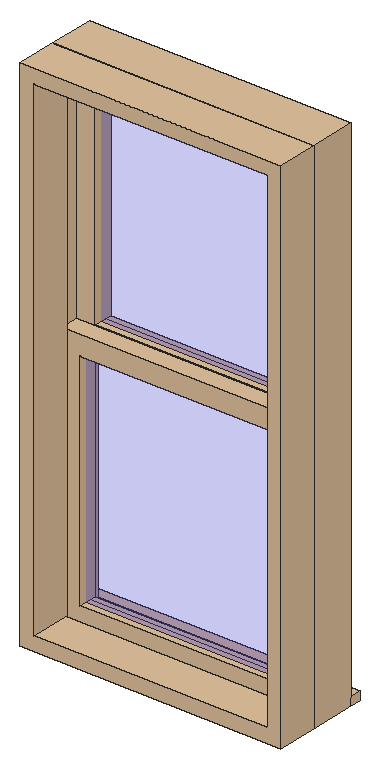
Revit family "PKNail Double Hung", category Windows, host Wall, Revit 2017
Family settings
  Host = Wall
  OmniClass Number = 23.30.20.17.17.14
  OmniClass Title = Double-Hung Windows
  Always vertical = Yes
  Cut with Voids When Loaded = No
  Shared = No
  Room Calculation Point = No
Parameters (values of type "24" x 48"")
  Visual Light Transmittance = 0.9
  Solar Heat Gain Coefficient = 0.78
  PKNail Family Lateral Orientation = "None"
  PKNail Family Facing Orientation = "Facing"
  PKNail Family = "Double Hung"
  Construction Type Id = "GSP4R"
  Heat Transfer Coefficient (U) = 0.6496 BTU/(h·ft²·°F)
  Assembly Code = "B2020100"
  Description = ""
  Glass Pane Material = Glass
  Height = 4' - 0"
  Sash Material = Sash
  Default Sill Height = 3' - 0"
  Wall Closure = By host
  Width = 2' - 0"
  Window Inset = 0' - 0 3/4"
  Analytic Construction = "1/8 in Pilkington single glazing"
Values of the unnamed type that differ from the named types
  Heat Transfer Coefficient (U) = 3.6886 W/(m²·K)
Reference planes (in)
  plane 1: y = 0
  plane 2: z = 0
  plane 3 "Center": x = 0
  plane 4 "Left": x = -12
  plane 5 "Right": x = 12
  plane 6 "Sill": z = 36
  plane 7 "Top": z = 84
  plane 8: y = 4
  plane 9: y = -4
  plane 10: y = 3.25
  plane 11: z = 60
  plane 12: x = -10.75
  plane 13: x = 10.75
  plane 14: x = 10.75
  plane 15: z = 37.25
  plane 16 "Closure": y = 0.375
Forms (in)
  Extrusion 1, solid, material "Sash" <- "Sash Material"
    sketch origin (0, 0, 0) x (1, 0, 0) y (0, 0, 1)
      loop
        line (-12, 84) -> (-12, 36) -> (12, 36) -> (12, 84) -> (-12, 84)
      loop
        line (-11.25, 83.25) -> (-11.25, 36.75) -> (11.25, 36.75) -> (11.25, 83.25) -> (-11.25, 83.25)
    from -4 to 0.25
  Extrusion 2, solid, material "Sash" <- "Sash Material"
    sketch origin (0, 0, 0) x (-1, 0, 0) y (0, 0, 1)
      loop
        line (-12, 84) -> (-12, 36) -> (12, 36) -> (12, 84) -> (-12, 84)
      loop
        line (-10.75, 82.75) -> (-10.75, 37.25) -> (10.75, 37.25) -> (10.75, 82.75) -> (-10.75, 82.75)
    from -0.25 to -4
  Extrusion 3, solid, material "Sash" <- "Sash Material"
    sketch origin (0, 0, 0) x (-1, 0, 0) y (0, 0, 1)
      loop
        line (-11.25, 83.25) -> (-11.25, 59.125) -> (11.25, 59.125) -> (11.25, 83.25) -> (-11.25, 83.25)
      loop
        line (-9.5, 81.5) -> (-9.5, 60.875) -> (9.5, 60.875) -> (9.5, 81.5) -> (-9.5, 81.5)
    from 1.5 to 3.25
  Extrusion 4, solid, material "Glass" <- "Glass Pane Material"
    sketch origin (-4.9201, 0, -4.60771) x (1, 0, 0) y (0, 0, 1)
      loop
        line (-4.5799, 86.10771) -> (-4.5799, 65.48271) -> (14.4201, 65.48271) -> (14.4201, 86.10771) -> (-4.5799, 86.10771)
    from -2.625 to -2.125
  Extrusion 5, solid, material "Sash" <- "Sash Material"
    sketch origin (0, 0, 0) x (-1, 0, 0) y (0, 0, 1)
      loop
        line (-12, 36.75) -> (-12, 36) -> (12, 36) -> (12, 36.75) -> (-12, 36.75)
    from 4 to 5
  Extrusion 6, solid, material "Sash" <- "Sash Material"
    sketch origin (0, 0, 0) x (-1, 0, 0) y (0, 0, 1)
      loop
        line (-11.25, 60.875) -> (-11.25, 36.75) -> (11.25, 36.75) -> (11.25, 60.875) -> (-11.25, 60.875)
      loop
        line (-9.5, 59.125) -> (-9.5, 38.5) -> (9.5, 38.5) -> (9.5, 59.125) -> (-9.5, 59.125)
    from -0.25 to 1.5
  Extrusion 7, solid, material "Glass" <- "Glass Pane Material"
    sketch origin (0, 0, 0) x (-1, 0, 0) y (0, 0, 1)
      loop
        line (-9.5, 38.5) -> (9.5, 38.5) -> (9.5, 59.125) -> (-9.5, 59.125) -> (-9.5, 38.5)
    from 0.375 to 0.875
Lines and regions (in)
  Opening 1
    outline origin (-60, -4, 0) x (1, 0, 0) y (0, 0, 1)
      loop
        line (48, 84) -> (48, 36) -> (72, 36) -> (72, 84) -> (48, 84)
  symbolic lines, style "WindowsFrameMullionProjection"
    curve 1: line (-12, 4, 0) -> (-11.25, 4, 0)
    curve 2: line (-11.25, -0.25, 0) -> (-11.25, 4, 0)
    curve 3: line (-11.25, -0.25, 0) -> (-10.75, -0.25, 0)
    curve 4: line (-10.75, -4, 0) -> (-10.75, -0.25, 0)
    curve 5: line (12, 4, 0) -> (11.25, 4, 0)
    curve 6: line (10.75, -0.25, 0) -> (10.75, -4, 0)
    curve 7: line (10.75, -0.25, 0) -> (11.25, -0.25, 0)
    curve 8: line (11.25, -0.25, 0) -> (11.25, 4, 0)
    curve 9: line (-11.25, 1.5, 0) -> (-9.5, 1.5, 0)
    curve 10: line (-11.25, 1.5, 0) -> (-11.25, -0.25, 0)
    curve 11: line (-11.25, -0.25, 0) -> (-9.5, -0.25, 0)
    curve 12: line (-9.5, 1.5, 0) -> (-9.5, -0.25, 0)
    curve 13: line (11.25, 1.5, 0) -> (9.5, 1.5, 0)
    curve 14: line (11.25, 1.5, 0) -> (11.25, -0.25, 0)
    curve 15: line (11.25, -0.25, 0) -> (9.5, -0.25, 0)
    curve 16: line (9.5, 1.5, 0) -> (9.5, -0.25, 0)
    curve 18: line (-10.75, -4, 0) -> (-12, -4, 0)
    curve 19: line (10.75, -4, 0) -> (12, -4, 0)
  symbolic lines, style "WindowsGlassProjection"
    curve 17: line (-9.5, 0.625, 0) -> (9.5, 0.625, 0)
Text (in)
  text "EXTERIOR" at (-56.58296, 46.14847, 0), in view "Floor Line"
  text "INTERIOR" at (-58.6888, -38.28069, 0), in view "Floor Line"
  text "Exterior" at (0, 60.6435, 112.49765), in view "Left"
  text "Exterior" at (0, 18.29385, 125.04747), in view "Right"
Dimensions and locks (in)
  equal spacing: plane 4 "Left", plane 3 "Center", plane 5 "Right"
  "Width": plane 4 "Left" to plane 5 "Right"
  "Window Inset": plane 8 to plane 10
  locked: plane 10 to Extrusion 3 at 1.75
  locked: plane 10 to Extrusion 4 at 0.625
  locked: Extrusion 4 to Extrusion 4 at 0.5
  locked: Extrusion 5 sketch curve to Extrusion 1 at 0.75
  equal spacing: plane 6 "Sill", plane 11, plane 7 "Top"
  Extrusion 3 sketch curve to plane 11 to Extrusion 3 sketch curve = 0' - 0 7/8" locked, 0' - 0 7/8" locked
  locked: Extrusion 6 to Extrusion 3 at 3.5
  locked: Extrusion 6 to Extrusion 6 at 1.75
  locked: Extrusion 7 to Extrusion 6 at 0.625
  locked: Extrusion 7 to Extrusion 7 at 0.5
  locked: plane 4 "Left" to plane 12 at 1.25
  locked: plane 14 to plane 5 "Right" at 1.25
  locked: plane 15 to plane 6 "Sill" at 1.25
  "Height": plane 7 "Top" to plane 6 "Sill"
  "Default Sill Height": plane 6 "Sill" to plane 2
  locked: plane 10 to plane 16 "Closure" at 2.875
  locked: Extrusion 5 to plane 8 at 1
  aligned and locked: plane 7 "Top" to Opening 1 sketch curve
  aligned and locked: plane 6 "Sill" to Opening 1 sketch curve  (x2)
  aligned and locked: plane 5 "Right" to Opening 1 sketch curve
  aligned and locked: plane 4 "Left" to Opening 1 sketch curve
  aligned and locked: plane 9 to host wall
  aligned and locked: host wall to Extrusion 2
  aligned and locked: plane 10 to Extrusion 3
  aligned and locked: plane 8 to host wall
  aligned and locked: host wall to Extrusion 1
  aligned and locked: Extrusion 4 sketch curve to Extrusion 3  (x4)
  aligned and locked: curve 5 to Extrusion 1  (x2)
  aligned and locked: curve 6 to Extrusion 2
  aligned and locked: curve 4 to Extrusion 2
  aligned and locked: Extrusion 3 to curve 16
  aligned and locked: Extrusion 1 to curve 11
  aligned and locked: Extrusion 1 to curve 7
  aligned and locked: Extrusion 5 to host wall
  aligned and locked: Extrusion 1 to Extrusion 6 sketch curve
  aligned and locked: Extrusion 6 sketch curve to Extrusion 3
  aligned and locked: Extrusion 2 to Extrusion 6
  aligned and locked: Extrusion 1 to Extrusion 2
  aligned and locked: Extrusion 7 sketch curve to Extrusion 6  (x2)
  aligned and locked: Extrusion 3 to Extrusion 7 sketch curve
  aligned and locked: curve 9 to Extrusion 7 sketch curve
  aligned and locked: Extrusion 6 sketch curve to curve 1
Automatic sketch dimensions
  Extrusion 1 sketch curve to plane 4 "Left" = 0' - 0"
  Extrusion 1 sketch curve to plane 5 "Right" = 0' - 0"
  Extrusion 1 sketch curve to plane 4 "Left" = 0' - 0 3/4"
  plane 5 "Right" to Extrusion 1 sketch curve = 0' - 0 3/4"
  Extrusion 1 sketch curve to plane 6 "Sill" = 0' - 0"
  Extrusion 1 sketch curve to plane 7 "Top" = 0' - 0"
  Extrusion 1 sketch curve to plane 6 "Sill" = 0' - 0 3/4"
  plane 7 "Top" to Extrusion 1 sketch curve = 0' - 0 3/4"
  Extrusion 2 sketch curve to plane 5 "Right" = 0' - 0"
  Extrusion 2 sketch curve to plane 4 "Left" = 0' - 0"
  plane 5 "Right" to Extrusion 2 sketch curve = 0' - 1 1/4"
  Extrusion 2 sketch curve to plane 4 "Left" = 0' - 1 1/4"
  Extrusion 2 sketch curve to plane 6 "Sill" = 0' - 0"
  Extrusion 2 sketch curve to plane 7 "Top" = 0' - 0"
  Extrusion 2 sketch curve to plane 6 "Sill" = 0' - 1 1/4"
  plane 7 "Top" to Extrusion 2 sketch curve = 0' - 1 1/4"
  plane 5 "Right" to Extrusion 3 sketch curve = 0' - 0 3/4"
  Extrusion 3 sketch curve to Extrusion 3 sketch curve = 0' - 1 3/4"
  Extrusion 3 sketch curve to plane 4 "Left" = 0' - 2 1/2"
  Extrusion 3 sketch curve to plane 4 "Left" = 0' - 0 3/4"
  plane 7 "Top" to Extrusion 3 sketch curve = 0' - 2 1/2"
  plane 7 "Top" to Extrusion 3 sketch curve = 0' - 0 3/4"
  curve 18 to plane 4 "Left" = 0' - 0"
  curve 1 to plane 4 "Left" = 0' - 0"
  curve 2 to plane 8 = 0' - 0"
  curve 19 to plane 5 "Right" = 0' - 0"
  curve 2 to plane 4 "Left" = 0' - 0 3/4"
  curve 9 to curve 12 = 0' - 1 3/4"
  plane 5 "Right" to curve 13 = 0' - 0 3/4"
  curve 19 to plane 9 = 0' - 0"
  curve 4 to plane 9 = 0' - 0"
  curve 12 to curve 17 = 0' - 0 7/8"
  curve 17 to curve 13 = 0' - 0 7/8"
  curve 17 to curve 9 = 0' - 0 7/8"
  Extrusion 5 sketch curve to plane 5 "Right" = 0' - 0"
  Extrusion 5 sketch curve to plane 4 "Left" = 0' - 0"
  Extrusion 5 sketch curve to Extrusion 5 sketch curve = 0' - 0 3/4"
  Extrusion 6 sketch curve to Extrusion 6 sketch curve = 0' - 1 3/4"  (x2)
  Extrusion 6 sketch curve to plane 4 "Left" = 0' - 2 1/2"
  Extrusion 6 sketch curve to plane 6 "Sill" = 0' - 2 1/2"
  Extrusion 6 sketch curve to plane 6 "Sill" = 0' - 0 3/4"
